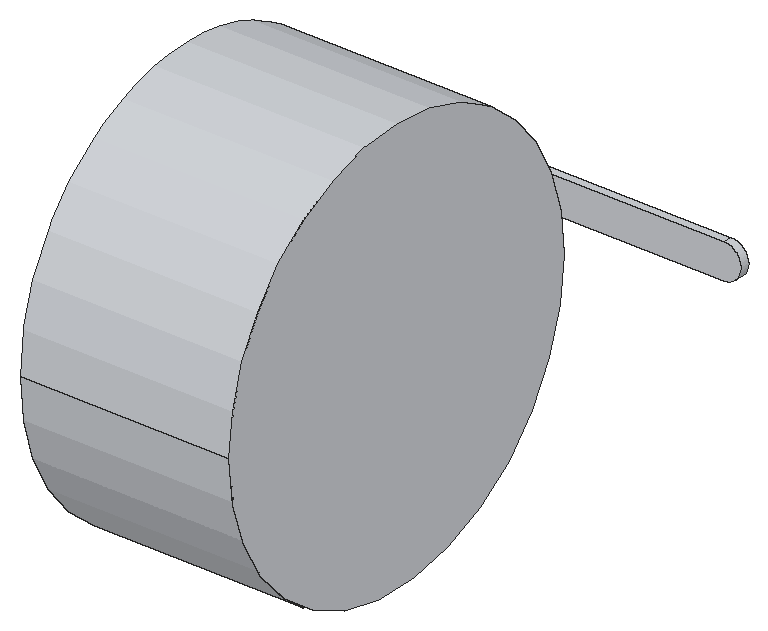
Revit family "Damper Opposed - Round", category Duct Accessories, Revit 2017
Family settings
  Round Connector Dimension = Use Radius
  Part Type = Damper
  OmniClass Number = 23.75.70.11.14.14
  OmniClass Title = Dampers for Air Ductwork
  Work Plane-Based = No
  Always vertical = Yes
  Cut with Voids When Loaded = No
  Shared = No
Parameters (values of type "Design to Fab")
  Symbol Width [instance] = Duct Diameter + 0' 4"  # 1' - 4"
  Symbol Length = Damper Length / 2 + 0' 3 1/2"  # 0' - 6 1/2"
  Pressure Drop [instance] = 1.00 in-wg
  Half Damper Length = Damper Length / 2  # 0' - 3"
  Duct Radius [instance] = 6"
  Duct Diameter [instance] = Duct Radius * 2  # 12"
  Damper Material = none
  Damper Length = 0' - 6"
Reference planes (in)
  plane 1 "Center (Front/Back)": y = 0
  plane 2: z = 0
  plane 3 "Center (Left/Right)": x = 0
  plane 4: y = -6
  plane 5: y = 6
  plane 6: y = 8
  plane 7: y = 8.25
  plane 8: x = -3
  plane 9: x = 3
  plane 10: x = 6
  plane 11: z = 0.5
  plane 12: z = -0.5
  plane 13: x = 6.5
Forms (in)
  Extrusion 1, solid, material <- "Damper Material", detail levels fine
    sketch origin (0, 0, 0) x (0, 1, 0) y (0, 0, 1)
      loop
        circle (0, 0) r 6
    from -3 to 3
  Extrusion 2, solid, material <- "Damper Material", detail levels fine
    sketch origin (0, 0, 0) x (1, 0, 0) y (0, 0, 1)
      loop
        circle (0, 0) r 0.25
    from -8 to 0
  Sweep 3, solid, material <- "Damper Material", detail levels fine
    path origin (0, 0, 0) x (1, 0, 0) y (0, 1, 0)
      loop
        line (0, 8.25) -> (0, 8)
    profile origin (0, 8.125, 0) x (1, 0, 0) y (0, 0, 1)
      loop
        arc (0, 0.5) -> (-0.5, 0) -> (0, -0.5) r 0.5
        line (0, -0.5) -> (6, -0.5)
        arc (6, -0.5) -> (6.5, 0) -> (6, 0.5) r 0.5
        line (6, 0.5) -> (0, 0.5)
  Extrusion 4, solid, material <- "Damper Material", detail levels coarse+medium
    sketch origin (0, 0, 0) x (0, 1, 0) y (0, 0, 1)
      loop
        circle (0, 0) r 6
    from -3 to 3
Cuts and joins
  joined: Extrusion 1, Extrusion 2, Sweep 3
Dimensions and locks (in)
  equal spacing: plane 5, plane 1 "Center (Front/Back)", plane 4
  "Duct Radius": plane 1 "Center (Front/Back)" to plane 4
  locked: plane 5 to plane 6 at 2
  locked: plane 7 to plane 6 at 0.25
  equal spacing: plane 8, plane 3 "Center (Left/Right)", plane 9
  "Damper Length": plane 8 to plane 9
  locked: plane 10 to plane 3 "Center (Left/Right)" at 6
  plane 11 to plane 2 = 0' - 0 1/2"
  equal spacing: plane 11, plane 2, plane 12
  locked: plane 13 to plane 10 at 0.5
  "Duct Radius": radius of Extrusion 1 sketch curve
  radius of Extrusion 2 sketch curve = 0' - 0 1/4"
  radius of Sweep 3 sketch curve = 0' - 0 1/2"  (x2)
  "Duct Radius": radius of Extrusion 4 sketch curve
  aligned and locked: plane 2 to Extrusion 1 sketch curve
  aligned and locked: plane 1 "Center (Front/Back)" to Extrusion 1 sketch curve
  aligned and locked: Extrusion 1 to plane 8
  aligned and locked: Extrusion 1 to plane 9
  aligned and locked: plane 2 to Extrusion 2 sketch curve
  aligned and locked: plane 3 "Center (Left/Right)" to Extrusion 2 sketch curve
  aligned and locked: plane 6 to Extrusion 2
  aligned and locked: plane 1 "Center (Front/Back)" to Extrusion 2
  aligned and locked: Sweep 3 sketch curve to plane 3 "Center (Left/Right)"
  aligned and locked: plane 7 to Sweep 3 sketch curve
  aligned and locked: plane 6 to Sweep 3 sketch curve
  aligned and locked: Sweep 3 sketch curve to plane 11
  aligned and locked: plane 3 "Center (Left/Right)" to Sweep 3 sketch curve  (x3)
  aligned and locked: plane 2 to Sweep 3 sketch curve
  aligned and locked: plane 10 to Sweep 3 sketch curve  (x3)
  aligned and locked: plane 2 to Extrusion 4 sketch curve
  aligned and locked: plane 1 "Center (Front/Back)" to Extrusion 4 sketch curve
  aligned and locked: Extrusion 4 to plane 8
  aligned and locked: Extrusion 4 to plane 9
Nested families (in)
  nested 1: "Balancing Damper Symbol" at (0, 0, 0) x (-1, 0, 0) z (0, 0, 1), type "Balancing Damper Symbol", detail levels coarse+medium
Connectors (in)
  hvac at (-3, 0, 0), driven by "Duct Radius", driven by "Pressure Drop"
    settings: on cut or joined group of Extrusion 1, Extrusion 2, Sweep 3, index 1, duct flow 0 CFM, flow factor 0, pres drop 1.00 in-wg, loss coef 0, conn angle 0.00°, conn width 12", conn height 12", conn diameter 12", duct sys type 29, conn prof type 0, flow config 0, flow direction 0, loss method 4, conn ref index 2, conn util no, is conn primary yes, conn desc ""
  hvac at (3, 0, 0), driven by "Duct Radius"
    settings: on cut or joined group of Extrusion 1, Extrusion 2, Sweep 3, index 2, duct flow 0 CFM, flow factor 0, pres drop 0.00 in-wg, loss coef 0, conn angle 0.00°, conn width 12", conn height 12", conn diameter 12", duct sys type 29, conn prof type 0, flow config 0, flow direction 0, loss method 4, conn ref index 1, conn util no, is conn primary no, conn desc ""
Definition of nested family "Balancing Damper Symbol"
  Parameters
    Width 2 = 0' - 4"
    Width 1 = 0' - 6"
    Length 2 = 0' - 1"
    Length 1 = 0' - 2"
  Reference planes (in)
    plane 1 "Center (Front/Back)": y = 0
    plane 2: z = 0
    plane 3 "Center (Left/Right)": x = 0
  Lines and regions (in)
    detail lines, in view "Ref. Level"
      curve 1: line (0, 3, 0) -> (0, -3, 0)
      curve 2: line (0, 3, 0) -> (-2, 3, 0)
      curve 3: line (-1, 2, 0) -> (-1, -2, 0)
      curve 4: line (1, 2, 0) -> (1, -2, 0)
  Dimensions and locks (in)
    equal spacing: curve 1, plane 1 "Center (Front/Back)", curve 1
    "Width 1": curve 1 to curve 1
    "Length 1": curve 2 to curve 2
    equal spacing: curve 3, plane 1 "Center (Front/Back)", curve 3
    equal spacing: curve 4, plane 1 "Center (Front/Back)", curve 4
    "Width 2": curve 3 to curve 3
    "Width 2": curve 4 to curve 4
    "Length 2": curve 3 to plane 3 "Center (Left/Right)"
    "Length 2": plane 3 "Center (Left/Right)" to curve 4
    aligned and locked: plane 3 "Center (Left/Right)" to curve 2
